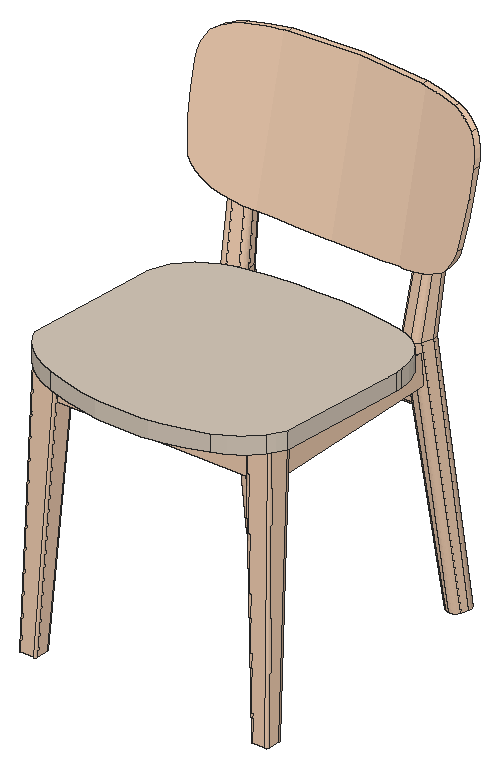
Revit family "FU_Chair_Sandler_Celina 1-11", category Furniture, Revit 2020
Family settings
  OmniClass Number = 23.40.20.00
  OmniClass Title = General Furniture and Specialties
  Work Plane-Based = No
  Always vertical = Yes
  Cut with Voids When Loaded = No
  Shared = No
  Room Calculation Point = No
Parameters (values of type "Celina 1.11")
  Width = 500 mm
  URL = "https://www.sandlerseating.com/product/celina-1-11/"
  Seat [instance] = Fabric - Manhattan - Bronx YI364
  Model = "Celina 1.11"
  Manufacturer = "Sandler"
  Height = 820 mm
  Frame [instance] = Wood - Beech - Walnut - V
  Description = "Side chair with a fully upholstered seat and wooden back which has an upholstered panel. The frame is in solid beech."
  Depth = 550 mm
  Default Elevation = 0 mm
Reference planes
  plane 1 "Center (Front/Back)": y = 0
  plane 2: z = 0
  plane 3 "Center (Left/Right)": x = 0
  plane 4 "Right": x = -250
  plane 5 "Left": x = 250
  plane 6 "Back": y = 275
  plane 7 "Front": y = -275
  plane 8 "Height": z = 820
  plane 9 "Seat height": z = 460
  plane 10 "Right Arm": x = -325
  plane 11 "Left Arm": x = 325
  plane 12 "FL C FRONT": through (206.59, -1524, 5.36) normal (-0.9994, 0, -0.0359)
  plane 13 "BL C Front": through (-178.282, -1524, 5.132) normal (-0.9999, 0, 0.0103)
  plane 14 "FL C RIGHT": through (4267.2, -211.114, 5.562) normal (0, -0.9986, 0.0521)
  plane 15: through (4267.2, 255.502, 4.2) normal (0, -0.9887, -0.1501)
  plane 16: through (4267.2, 190.415, 493.994) normal (0, -0.984, 0.1783)
Forms (mm)
  Sweep 1, solid, material "Fabric - Manhattan - Bronx YI364" <- "Seat"
    path origin (0.119, 29.292, 439.708) x (0, 0.99863, -0.052336) y (1, 0, 0)
      loop
        line (-311.844, 0) -> (171.86, 0)
    profile "Pro_celina_Seat_UPH : Pro_celina_Seat_UPH" origin (0.119, -40.604, 443.371) x (1, 0, 0) y (0, -0.052336, -0.99863)
      loop
        arc (226.228, -11.375) -> (0, 0) -> (-226.228, -11.375) r 2255.339
        line (-226.228, -11.375) -> (-226.228, -41.375)
        arc (-226.228, -41.375) -> (0, -30) -> (226.228, -41.375) r 2255.339
        line (226.228, -41.375) -> (226.228, -11.375)
  Extrusion 2, void
    sketch origin (0.119, -20.296, 502.02) x (-1, 0, 0) y (0, -1, 0)
      loop
        line (248.521, -230.925) -> (248.521, 269.075) -> (-251.479, 269.075) -> (-251.479, -230.925) -> (248.521, -230.925)
      loop
        arc (141.879, 235.713) -> (0.119, 256.987) -> (-141.64, 235.713) r 482.927
        arc (-141.64, 235.713) -> (-177.703, 219.068) -> (-208.046, 193.437) r 148.11
        arc (-208.046, 193.437) -> (-229.338, 158.084) -> (-235.769, 117.318) r 107.689
        arc (-235.769, 117.318) -> (-233.624, 13.584) -> (-224.626, -89.781) r 1568.852
        arc (-224.626, -89.781) -> (-196.277, -154.472) -> (-136.874, -192.68) r 122.229
        arc (-136.874, -192.68) -> (0.119, -211.879) -> (137.113, -192.68) r 498.358
        arc (137.113, -192.68) -> (196.516, -154.472) -> (224.865, -89.781) r 122.229
        arc (224.865, -89.781) -> (233.862, 13.584) -> (236.008, 117.318) r 1568.852
        arc (236.008, 117.318) -> (229.577, 158.084) -> (208.285, 193.437) r 107.689
        arc (208.285, 193.437) -> (177.942, 219.068) -> (141.879, 235.713) r 148.11
    from 10.492 to -76.796
  Sweep 3, solid, material "Wood - Beech - Walnut - V" <- "Frame"
    path origin (0.119, 37.154, -270.249) x (0, 1, 0) y (0, 0, 1)
      loop
        line (154.569, 770) -> (234.758, 1108.042)
    profile "Pro_celina_Back : Pro_celina_Back" origin (0.119, 231.818, 668.772) x (0, -0.972998, 0.230812) y (1, 0, 0)
      loop
        arc (50.165, -250) -> (10, 0) -> (50.165, 250) r 798.119
        line (50.165, 250) -> (40.165, 250)
        arc (40.165, 250) -> (0, 0) -> (40.165, -250) r 798.125
        line (40.165, -250) -> (50.165, -250)
  Extrusion 4, void
    sketch origin (0.119, 39.342, -270.874) x (1, 0, 0) y (0, 0, 1)
      loop
        line (119.761, 1090) -> (-121.25, 1090)
        arc (-121.25, 1090) -> (-154.552, 1088.857) -> (-187.721, 1085.67) r 541.973
        arc (-187.721, 1085.67) -> (-211.489, 1079.491) -> (-232.923, 1067.503) r 96.341
        arc (-232.923, 1067.503) -> (-245.694, 1045.257) -> (-249.494, 1019.89) r 69.271
        arc (-249.494, 1019.89) -> (-247.861, 958.646) -> (-241.122, 897.751) r 733.414
        arc (-241.122, 897.751) -> (-232.137, 873.763) -> (-214.284, 855.393) r 62.504
        arc (-214.284, 855.393) -> (-182.775, 839.296) -> (-148.432, 830.784) r 154.624
        arc (-148.432, 830.784) -> (-5.305, 821.343) -> (137.883, 829.803) r 1149.301
        arc (137.883, 829.803) -> (177.655, 837.565) -> (214.045, 855.393) r 154.624
        arc (214.045, 855.393) -> (231.898, 873.763) -> (240.883, 897.751) r 62.504
        arc (240.883, 897.751) -> (247.622, 958.646) -> (249.256, 1019.89) r 733.414
        arc (249.256, 1019.89) -> (245.455, 1045.257) -> (232.684, 1067.503) r 69.271
        arc (232.684, 1067.503) -> (211.25, 1079.491) -> (187.482, 1085.67) r 96.341
        arc (187.482, 1085.67) -> (153.689, 1088.897) -> (119.761, 1090) r 541.59
      loop
        line (-260, 1133.116) -> (-260, 753.116) -> (260, 753.116) -> (260, 1133.116) -> (-260, 1133.116)
    from -246.089 to -88.141
  SweptBlend 5, solid, material "Wood - Beech - Walnut - V" <- "Frame"
    path origin (206.516, 0, 7.419) x (0.035902, 0, -0.999355) y (0, -1, 0)
      loop
        line (15.798, 211.845) -> (-453.563, 187.36)
    profile origin (207.083, -211.845, -8.369) x (0.00187, 0.998642, -0.052062) y (-0.999355, 0, -0.035902)
      loop
        arc (-14.979, -11.006) -> (-13.796, -13.848) -> (-10.949, -15.021) r 4.023
        line (-10.949, -15.021) -> (11.028, -14.979)
        arc (11.028, -14.979) -> (13.854, -13.803) -> (15.021, -10.972) r 4
        line (15.021, -10.972) -> (14.979, 11.028)
        arc (14.979, 11.028) -> (13.803, 13.854) -> (10.972, 15.021) r 4
        line (10.972, 15.021) -> (-11.028, 14.979)
        arc (-11.028, 14.979) -> (-13.854, 13.803) -> (-15.021, 10.972) r 4
        line (-15.021, 10.972) -> (-14.979, -11.006)
    end profile origin (190.232, -187.36, 460.69) x (0.00187, 0.998642, -0.052062) y (-0.999355, 0, -0.035902)
      loop
        arc (-21.966, -18.041) -> (-20.789, -20.867) -> (-17.959, -22.034) r 4
        line (-17.959, -22.034) -> (18.041, -21.966)
        arc (18.041, -21.966) -> (20.867, -20.789) -> (22.034, -17.959) r 4
        line (22.034, -17.959) -> (21.966, 18.041)
        arc (21.966, 18.041) -> (20.789, 20.867) -> (17.959, 22.034) r 4
        line (17.959, 22.034) -> (-18.041, 21.966)
        arc (-18.041, 21.966) -> (-20.867, 20.789) -> (-22.034, 17.959) r 4
        line (-22.034, 17.959) -> (-21.966, -18.041)
  SweptBlend 6, solid, material "Wood - Beech - Walnut - V" <- "Frame"
    path origin (-178.316, 0, 1.838) x (-0.010308, 0, -0.999947) y (0, -1, 0)
      loop
        line (10.63, -257.754) -> (-463.93, -185.692)
    profile origin (-178.425, 257.754, -8.791) x (0.001548, 0.988666, 0.150121) y (-0.999947, 0, 0.010308)
      loop
        line (16.945, 1.2) -> (15.071, 7.954)
        arc (15.071, 7.954) -> (9.652, 14.89) -> (0.916, 15.962) r 11.5
        line (0.916, 15.962) -> (-12.575, 12.22)
        arc (-12.575, 12.22) -> (-19.51, 6.801) -> (-20.583, -1.935) r 11.5
        line (-20.583, -1.935) -> (-18.712, -8.681)
        arc (-18.712, -8.681) -> (-13.292, -15.616) -> (-4.556, -16.688) r 11.5
        line (-4.556, -16.688) -> (8.943, -12.944)
        arc (8.943, -12.944) -> (15.873, -7.529) -> (16.945, 1.2) r 11.49
    end profile origin (-173.534, 185.692, 465.743) x (0.001548, 0.988666, 0.150121) y (-0.999947, 0, 0.010308)
      loop
        line (5.481, 10.089) -> (-14.232, 4.749)
        arc (-14.232, 4.749) -> (-20.595, -0.161) -> (-21.622, -8.131) r 10.5
        line (-21.622, -8.131) -> (-16.447, -27.235)
        arc (-16.447, -27.235) -> (-11.538, -33.597) -> (-3.567, -34.624) r 10.5
        line (-3.567, -34.624) -> (16.146, -29.284)
        arc (16.146, -29.284) -> (22.508, -24.375) -> (23.535, -16.404) r 10.5
        line (23.535, -16.404) -> (18.361, 2.699)
        arc (18.361, 2.699) -> (13.451, 9.061) -> (5.481, 10.089) r 10.5
  SweptBlend 7, solid, material "Wood - Beech - Walnut - V" <- "Frame"
    path origin (-178.316, 0, 1.838) x (-0.010308, 0, -0.999947) y (0, -1, 0)
      loop
        line (-447.138, -184.221) -> (-698.053, -229.684)
    profile origin (-173.707, 184.221, 448.952) x (-0.001838, 0.983979, -0.178274) y (-0.999947, 0, 0.010308)
      loop
        line (6.359, 10.097) -> (-14.247, 4.59)
        arc (-14.247, 4.59) -> (-20.626, -0.298) -> (-21.68, -8.265) r 10.5
        line (-21.68, -8.265) -> (-16.57, -27.386)
        arc (-16.57, -27.386) -> (-11.682, -33.765) -> (-3.715, -34.819) r 10.5
        line (-3.715, -34.819) -> (16.891, -29.312)
        arc (16.891, -29.312) -> (23.269, -24.424) -> (24.324, -16.457) r 10.5
        line (24.324, -16.457) -> (19.214, 2.664)
        arc (19.214, 2.664) -> (14.326, 9.042) -> (6.359, 10.097) r 10.5
    end profile origin (-171.12, 229.684, 699.854) x (-0.001838, 0.983979, -0.178274) y (-0.999947, 0, 0.010308)
      loop
        arc (10.888, 12.173) -> (6.714, 17.652) -> (-0.112, 18.575) r 9
        line (-0.112, 18.575) -> (-10.954, 15.71)
        arc (-10.954, 15.71) -> (-16.436, 11.534) -> (-17.36, 4.704) r 9.005
        line (-17.36, 4.704) -> (-12.919, -12.102)
        arc (-12.919, -12.102) -> (-8.745, -17.581) -> (-1.919, -18.504) r 9
        line (-1.919, -18.504) -> (8.928, -15.638)
        arc (8.928, -15.638) -> (14.407, -11.464) -> (15.33, -4.638) r 9
        line (15.33, -4.638) -> (10.888, 12.173)
  Extrusion 8, void
    sketch origin (-178.316, 0, 1.838) x (-0.010308, 0, -0.999947) y (0, -1, 0)
      loop
        line (-458.111, -152.645) -> (-458.111, -224.882) -> (-439.168, -224.882) -> (-439.168, -152.645) -> (-458.111, -152.645)
    from -48.983 to 26.092
  Extrusion 9, void
    sketch origin (-178.316, 0, 1.838) x (-0.010308, 0, -0.999947) y (0, -1, 0)
      loop
        line (-458.228, -152.645) -> (-470.347, -152.645) -> (-470.347, -224.294) -> (-458.228, -224.294) -> (-458.228, -152.645)
    from -48.983 to 26.092
  SweptBlend 10, solid, material "Wood - Beech - Walnut - V" <- "Frame"
    path origin (178.316, 0, 1.838) x (0.010308, 0, -0.999947) y (0, 1, 0)
      loop
        line (10.63, 257.754) -> (-463.93, 185.692)
    profile origin (178.425, 257.754, -8.791) x (0.001548, -0.988666, -0.150121) y (0.999947, 0, 0.010308)
      loop
        arc (-16.945, 1.2) -> (-15.873, -7.529) -> (-8.943, -12.944) r 11.49
        line (-8.943, -12.944) -> (4.556, -16.688)
        arc (4.556, -16.688) -> (13.292, -15.616) -> (18.712, -8.681) r 11.5
        line (18.712, -8.681) -> (20.583, -1.935)
        arc (20.583, -1.935) -> (19.51, 6.801) -> (12.575, 12.22) r 11.5
        line (12.575, 12.22) -> (-0.916, 15.962)
        arc (-0.916, 15.962) -> (-9.652, 14.89) -> (-15.071, 7.954) r 11.5
        line (-15.071, 7.954) -> (-16.945, 1.2)
    end profile origin (173.534, 185.692, 465.743) x (0.001548, -0.988666, -0.150121) y (0.999947, 0, 0.010308)
      loop
        arc (-5.481, 10.089) -> (-13.451, 9.061) -> (-18.361, 2.699) r 10.5
        line (-18.361, 2.699) -> (-23.535, -16.404)
        arc (-23.535, -16.404) -> (-22.508, -24.375) -> (-16.146, -29.284) r 10.5
        line (-16.146, -29.284) -> (3.567, -34.624)
        arc (3.567, -34.624) -> (11.538, -33.597) -> (16.447, -27.235) r 10.5
        line (16.447, -27.235) -> (21.622, -8.131)
        arc (21.622, -8.131) -> (20.595, -0.161) -> (14.232, 4.749) r 10.5
        line (14.232, 4.749) -> (-5.481, 10.089)
  SweptBlend 11, solid, material "Wood - Beech - Walnut - V" <- "Frame"
    path origin (178.316, 0, 1.838) x (0.010308, 0, -0.999947) y (0, 1, 0)
      loop
        line (-447.138, 184.221) -> (-698.053, 229.684)
    profile origin (173.707, 184.221, 448.952) x (-0.001838, -0.983979, 0.178274) y (0.999947, 0, 0.010308)
      loop
        arc (-6.359, 10.097) -> (-14.326, 9.042) -> (-19.214, 2.664) r 10.5
        line (-19.214, 2.664) -> (-24.324, -16.457)
        arc (-24.324, -16.457) -> (-23.269, -24.424) -> (-16.891, -29.312) r 10.5
        line (-16.891, -29.312) -> (3.715, -34.819)
        arc (3.715, -34.819) -> (11.682, -33.765) -> (16.57, -27.386) r 10.5
        line (16.57, -27.386) -> (21.68, -8.265)
        arc (21.68, -8.265) -> (20.626, -0.298) -> (14.247, 4.59) r 10.5
        line (14.247, 4.59) -> (-6.359, 10.097)
    end profile origin (171.12, 229.684, 699.854) x (-0.001838, -0.983979, 0.178274) y (0.999947, 0, 0.010308)
      loop
        line (-10.888, 12.173) -> (-15.33, -4.638)
        arc (-15.33, -4.638) -> (-14.407, -11.464) -> (-8.928, -15.638) r 9
        line (-8.928, -15.638) -> (1.919, -18.504)
        arc (1.919, -18.504) -> (8.745, -17.581) -> (12.919, -12.102) r 9
        line (12.919, -12.102) -> (17.36, 4.704)
        arc (17.36, 4.704) -> (16.436, 11.534) -> (10.954, 15.71) r 9.005
        line (10.954, 15.71) -> (0.112, 18.575)
        arc (0.112, 18.575) -> (-6.714, 17.652) -> (-10.888, 12.173) r 9
  Extrusion 12, void
    sketch origin (178.316, 0, 1.838) x (0.010308, 0, -0.999947) y (0, 1, 0)
      loop
        line (-458.111, 152.645) -> (-439.168, 152.645) -> (-439.168, 224.882) -> (-458.111, 224.882) -> (-458.111, 152.645)
    from -48.983 to 26.092
  Extrusion 13, void
    sketch origin (178.316, 0, 1.838) x (0.010308, 0, -0.999947) y (0, 1, 0)
      loop
        line (-458.228, 152.645) -> (-458.228, 224.294) -> (-470.347, 224.294) -> (-470.347, 152.645) -> (-458.228, 152.645)
    from -48.983 to 26.092
  SweptBlend 14, solid, material "Wood - Beech - Walnut - V" <- "Frame"
    path origin (-206.516, 0, 7.419) x (-0.035902, 0, -0.999355) y (0, 1, 0)
      loop
        line (15.798, -211.845) -> (-453.563, -187.36)
    profile origin (-207.083, -211.845, -8.369) x (0.00187, -0.998642, 0.052062) y (0.999355, 0, -0.035902)
      loop
        line (14.979, -11.006) -> (15.021, 10.972)
        arc (15.021, 10.972) -> (13.854, 13.803) -> (11.028, 14.979) r 4
        line (11.028, 14.979) -> (-10.972, 15.021)
        arc (-10.972, 15.021) -> (-13.803, 13.854) -> (-14.979, 11.028) r 4
        line (-14.979, 11.028) -> (-15.021, -10.972)
        arc (-15.021, -10.972) -> (-13.854, -13.803) -> (-11.028, -14.979) r 4
        line (-11.028, -14.979) -> (10.949, -15.021)
        arc (10.949, -15.021) -> (13.796, -13.848) -> (14.979, -11.006) r 4.023
    end profile origin (-190.232, -187.36, 460.69) x (0.00187, -0.998642, 0.052062) y (0.999355, 0, -0.035902)
      loop
        line (21.966, -18.041) -> (22.034, 17.959)
        arc (22.034, 17.959) -> (20.867, 20.789) -> (18.041, 21.966) r 4
        line (18.041, 21.966) -> (-17.959, 22.034)
        arc (-17.959, 22.034) -> (-20.789, 20.867) -> (-21.966, 18.041) r 4
        line (-21.966, 18.041) -> (-22.034, -17.959)
        arc (-22.034, -17.959) -> (-20.867, -20.789) -> (-18.041, -21.966) r 4
        line (-18.041, -21.966) -> (17.959, -22.034)
        arc (17.959, -22.034) -> (20.789, -20.867) -> (21.966, -18.041) r 4
  Extrusion 15, solid, material "Wood - Beech - Walnut - V" <- "Frame"
    sketch origin (0, 0, 460) x (-1, 0, 0) y (0, -1, 0)
      loop
        line (175.074, 174.445) -> (175.074, 205.637) -> (-174.926, 205.637) -> (-174.926, 174.445) -> (175.074, 174.445)
      loop
        line (207.36, 174.272) -> (178.067, 176.828) -> (146.379, -186.366) -> (176.28, -181.947) -> (207.36, 174.272)
      loop
        line (-207.36, 174.272) -> (-176.28, -181.947) -> (-146.379, -186.366) -> (-178.067, 176.828) -> (-207.36, 174.272)
    from 0 to -78.018
  Sweep 16, void
    path origin (0.119, 30.664, 441.798) x (0, 0.99863, -0.052336) y (1, 0, 0)
      loop
        line (-311.844, 0) -> (193.156, 0)
    profile "Pro_celina_Seat-cut : Pro_celina_Seat-cut" origin (0.119, -28.599, 444.904) x (1, 0, 0) y (0, -0.052336, -0.99863)
      loop
        arc (237.5, -12.54) -> (0, 0) -> (-237.5, -12.54) r 2255.339
        line (-237.5, -12.54) -> (-237.5, -65.04)
        arc (-237.5, -65.04) -> (0, -52.5) -> (237.5, -65.04) r 2255.339
        line (237.5, -65.04) -> (237.5, -12.54)
  Extrusion 17, void
    sketch origin (0, 0, 0) x (0, 1, 0) y (0, 0, 1)
      loop
        line (-229.224, 409.273) -> (-229.224, 334.273) -> (230.12, 334.273) -> (230.12, 384.715) -> (-229.224, 409.273)
    from -250 to 250
  Extrusion 18, solid, material "Wood - Beech - Walnut - V" <- "Frame"
    sketch origin (0, 0, 0) x (0, 1, 0) y (0, 0, 1)
      loop
        arc (213.056, 367.317) -> (210.682, 371.248) -> (206.223, 372.348) r 6
        line (206.223, 372.348) -> (198.535, 371.181)
        arc (198.535, 371.181) -> (194.604, 368.806) -> (193.503, 364.348) r 6
        line (193.503, 364.348) -> (197.257, 339.631)
        arc (197.257, 339.631) -> (199.631, 335.701) -> (204.09, 334.6) r 6
        line (204.09, 334.6) -> (211.778, 335.768)
        arc (211.778, 335.768) -> (215.709, 338.142) -> (216.81, 342.601) r 6
        line (216.81, 342.601) -> (213.056, 367.317)
    from -168 to 168
  Extrusion 19, void
    sketch origin (0, 0, 0) x (0, 1, 0) y (0, 0, 1)
      loop
        line (-275, 0) -> (-275, -32.791) -> (280, -32.791) -> (280, 0) -> (-275, 0)
    from -250 to 250
Cuts and joins
  Extrusion 2 cuts Sweep 1
  Extrusion 4 cuts Sweep 3
  Extrusion 8 cuts SweptBlend 7
  Extrusion 9, Extrusion 19 cuts SweptBlend 6
  Extrusion 12 cuts SweptBlend 11
  Extrusion 13, Extrusion 19 cuts SweptBlend 10
  Sweep 16, Extrusion 17 cuts Extrusion 15
  Extrusion 19 cuts SweptBlend 14
  Extrusion 19 cuts SweptBlend 5
Dimensions and locks
  equal spacing: plane 4 "Right", plane 3 "Center (Left/Right)", plane 5 "Left"
  "Width": plane 4 "Right" to plane 5 "Left"
  equal spacing: plane 6 "Back", plane 1 "Center (Front/Back)", plane 7 "Front"
  "Depth": plane 6 "Back" to plane 7 "Front"
  "Height": plane 8 "Height" to level
  plane 9 "Seat height" to level = 460 mm
  equal spacing: plane 10 "Right Arm", plane 3 "Center (Left/Right)", plane 11 "Left Arm"
  plane 10 "Right Arm" to plane 11 "Left Arm" = 650 mm
  aligned and locked: level to plane 2
Automatic sketch dimensions
  plane 3 "Center (Left/Right)" to Sweep 1 sketch curve = 0.119 mm
  Sweep 1 sketch curve to Sweep 1 sketch curve = 483.704 mm
  Extrusion 2 sketch curve to plane 3 "Center (Left/Right)" = 0 mm  (x2)
  plane 3 "Center (Left/Right)" to Extrusion 2 sketch curve = 98.283 mm
  Extrusion 2 sketch curve to plane 1 "Center (Front/Back)" = 54.865 mm  (x2)
  plane 3 "Center (Left/Right)" to Extrusion 2 sketch curve = 103.394 mm
  Extrusion 2 sketch curve to Extrusion 2 sketch curve = 29.988 mm  (x2)
  Extrusion 2 sketch curve to plane 5 "Left" = 1.598 mm
  plane 1 "Center (Front/Back)" to Extrusion 2 sketch curve = 118.175 mm  (x2)
  Extrusion 2 sketch curve to plane 11 "Left Arm" = 1007.843 mm
  Extrusion 2 sketch curve to plane 3 "Center (Left/Right)" = 98.283 mm
  Extrusion 2 sketch curve to plane 3 "Center (Left/Right)" = 103.394 mm
  Extrusion 2 sketch curve to plane 4 "Right" = 1.598 mm
  plane 10 "Right Arm" to Extrusion 2 sketch curve = 1007.843 mm
  Extrusion 2 sketch curve to plane 6 "Back" = 69.356 mm
  Extrusion 2 sketch curve to plane 6 "Back" = 64.371 mm
  plane 1 "Center (Front/Back)" to Extrusion 2 sketch curve = 114.424 mm  (x2)
  Extrusion 2 sketch curve to Extrusion 2 sketch curve = 27.102 mm  (x2)
  Extrusion 2 sketch curve to plane 7 "Front" = 14.371 mm
  Extrusion 2 sketch curve to plane 7 "Front" = 31.774 mm
  Extrusion 2 sketch curve to plane 6 "Back" = 102.616 mm
  Extrusion 2 sketch curve to Extrusion 2 sketch curve = 0 mm  (x8)
  plane 7 "Front" to Extrusion 2 sketch curve = 18.991 mm
  plane 9 "Seat height" to Sweep 3 sketch curve = 39.751 mm
  Sweep 3 sketch curve to plane 6 "Back" = 83.277 mm
  Sweep 3 sketch curve to plane 6 "Back" = 3.087 mm
  plane 8 "Height" to Sweep 3 sketch curve = 17.793 mm
  plane 10 "Right Arm" to Extrusion 4 sketch curve = 158.955 mm
  plane 4 "Right" to Extrusion 4 sketch curve = 9.881 mm
  Extrusion 4 sketch curve to plane 4 "Right" = 69.848 mm
  Extrusion 4 sketch curve to plane 4 "Right" = 70.781 mm
  Extrusion 4 sketch curve to Extrusion 4 sketch curve = 4.71 mm  (x2)
  Extrusion 4 sketch curve to Extrusion 4 sketch curve = 46.915 mm  (x2)
  Extrusion 4 sketch curve to plane 8 "Height" = 0.874 mm
  Extrusion 4 sketch curve to Extrusion 4 sketch curve = 59.022 mm
  Extrusion 4 sketch curve to plane 3 "Center (Left/Right)" = 119.201 mm
  Extrusion 4 sketch curve to plane 3 "Center (Left/Right)" = 1.25 mm
  plane 3 "Center (Left/Right)" to Extrusion 4 sketch curve = 119.25 mm
  plane 3 "Center (Left/Right)" to Extrusion 4 sketch curve = 119.881 mm
  Extrusion 4 sketch curve to Extrusion 4 sketch curve = 8.647 mm
  plane 5 "Left" to Extrusion 4 sketch curve = 70.781 mm
  Extrusion 4 sketch curve to plane 5 "Left" = 10.119 mm
  Extrusion 4 sketch curve to plane 8 "Height" = 82.07 mm  (x2)
  Extrusion 4 sketch curve to plane 11 "Left Arm" = 158.955 mm
  Extrusion 4 sketch curve to plane 8 "Height" = 100.775 mm  (x2)
  Extrusion 4 sketch curve to Extrusion 4 sketch curve = 5.963 mm  (x2)
  Extrusion 4 sketch curve to Extrusion 4 sketch curve = 82.884 mm  (x2)
  plane 9 "Seat height" to Extrusion 4 sketch curve = 22.242 mm
  Extrusion 4 sketch curve to plane 9 "Seat height" = 182.463 mm
  Extrusion 4 sketch curve to plane 9 "Seat height" = 182.844 mm
  Extrusion 4 sketch curve to Extrusion 4 sketch curve = 32.388 mm  (x2)
  plane 8 "Height" to Extrusion 4 sketch curve = 42.242 mm
  Extrusion 4 sketch curve to Extrusion 4 sketch curve = 837.521 mm
  Extrusion 4 sketch curve to plane 4 "Right" = 0.625 mm
  Extrusion 4 sketch curve to plane 4 "Right" = 8.998 mm
  Extrusion 4 sketch curve to Extrusion 4 sketch curve = 0 mm  (x4)
  Extrusion 4 sketch curve to plane 4 "Right" = 17.196 mm
  Extrusion 4 sketch curve to plane 4 "Right" = 35.836 mm
  Extrusion 4 sketch curve to Extrusion 4 sketch curve = 41.216 mm
  plane 5 "Left" to Extrusion 4 sketch curve = 35.836 mm
  plane 5 "Left" to Extrusion 4 sketch curve = 17.196 mm
  plane 7 "Front" to SweptBlend 5 sketch curve = 87.64 mm
  plane 7 "Front" to SweptBlend 5 sketch curve = 63.155 mm
  SweptBlend 5 sketch curve to SweptBlend 5 sketch curve = 469.362 mm
  profile plane to SweptBlend 5 sketch curve = 15.021 mm
  profile plane to SweptBlend 5 sketch curve = 14.979 mm
  SweptBlend 5 sketch curve to SweptBlend 5 sketch curve = 3.993 mm  (x3)
  SweptBlend 5 sketch curve to SweptBlend 5 sketch curve = 4 mm  (x9)
  SweptBlend 5 sketch curve to SweptBlend 5 sketch curve = 4.023 mm
  SweptBlend 5 sketch curve to SweptBlend 5 sketch curve = 0.008 mm
  SweptBlend 5 sketch curve to profile plane = 10.972 mm
  SweptBlend 5 sketch curve to SweptBlend 5 sketch curve = 0.007 mm  (x9)
  SweptBlend 5 sketch curve to profile plane = 11.021 mm
  SweptBlend 5 sketch curve to plane 12 "FL C FRONT" = 15.021 mm
  SweptBlend 5 sketch curve to plane 12 "FL C FRONT" = 14.979 mm
  SweptBlend 5 sketch curve to SweptBlend 5 sketch curve = 4.015 mm
  plane 12 "FL C FRONT" to SweptBlend 5 sketch curve = 10.972 mm
  plane 12 "FL C FRONT" to SweptBlend 5 sketch curve = 11.021 mm
  profile plane to SweptBlend 5 sketch curve = 22.034 mm
  profile plane to SweptBlend 5 sketch curve = 21.966 mm
  SweptBlend 5 sketch curve to profile plane = 17.959 mm
  SweptBlend 5 sketch curve to profile plane = 18.034 mm
  SweptBlend 5 sketch curve to plane 12 "FL C FRONT" = 22.034 mm
  SweptBlend 5 sketch curve to plane 12 "FL C FRONT" = 21.966 mm
  plane 12 "FL C FRONT" to SweptBlend 5 sketch curve = 17.959 mm
  plane 12 "FL C FRONT" to SweptBlend 5 sketch curve = 18.034 mm
  SweptBlend 6 sketch curve to plane 6 "Back" = 89.308 mm
  SweptBlend 6 sketch curve to plane 6 "Back" = 17.246 mm
  SweptBlend 6 sketch curve to SweptBlend 6 sketch curve = 474.56 mm
  SweptBlend 6 sketch curve to plane 13 "BL C Front" = 1.935 mm
  profile plane to SweptBlend 6 sketch curve = 20.583 mm
  SweptBlend 6 sketch curve to plane 13 "BL C Front" = 8.681 mm
  SweptBlend 6 sketch curve to SweptBlend 6 sketch curve = 1.871 mm  (x2)
  profile plane to SweptBlend 6 sketch curve = 12.575 mm
  plane 13 "BL C Front" to SweptBlend 6 sketch curve = 1.138 mm
  profile plane to SweptBlend 6 sketch curve = 9.501 mm
  profile plane to SweptBlend 6 sketch curve = 4.556 mm
  SweptBlend 6 sketch curve to profile plane = 0.916 mm
  SweptBlend 6 sketch curve to profile plane = 3.99 mm
  SweptBlend 6 sketch curve to plane 13 "BL C Front" = 1.872 mm
  SweptBlend 6 sketch curve to profile plane = 5.872 mm
  SweptBlend 6 sketch curve to profile plane = 8.943 mm
  plane 13 "BL C Front" to SweptBlend 6 sketch curve = 7.954 mm
  SweptBlend 6 sketch curve to SweptBlend 6 sketch curve = 11.082 mm
  plane 13 "BL C Front" to SweptBlend 6 sketch curve = 1.2 mm
  SweptBlend 6 sketch curve to SweptBlend 6 sketch curve = 1.874 mm
  SweptBlend 6 sketch curve to SweptBlend 6 sketch curve = 3.745 mm
  plane 13 "BL C Front" to SweptBlend 6 sketch curve = 4.88 mm
  SweptBlend 6 sketch curve to plane 13 "BL C Front" = 8.131 mm
  profile plane to SweptBlend 6 sketch curve = 21.622 mm
  profile plane to SweptBlend 6 sketch curve = 16.447 mm
  plane 13 "BL C Front" to SweptBlend 6 sketch curve = 4.749 mm
  profile plane to SweptBlend 6 sketch curve = 14.232 mm
  SweptBlend 6 sketch curve to plane 13 "BL C Front" = 5.386 mm
  profile plane to SweptBlend 6 sketch curve = 6.313 mm
  profile plane to SweptBlend 6 sketch curve = 3.567 mm
  SweptBlend 6 sketch curve to profile plane = 5.481 mm
  SweptBlend 6 sketch curve to plane 13 "BL C Front" = 0.046 mm
  SweptBlend 6 sketch curve to profile plane = 8.226 mm
  SweptBlend 6 sketch curve to profile plane = 13.4 mm
  SweptBlend 6 sketch curve to SweptBlend 6 sketch curve = 2.745 mm  (x3)
  plane 13 "BL C Front" to SweptBlend 6 sketch curve = 2.699 mm
  SweptBlend 6 sketch curve to SweptBlend 6 sketch curve = 10.135 mm  (x2)
  SweptBlend 6 sketch curve to plane 13 "BL C Front" = 16.404 mm
  SweptBlend 6 sketch curve to SweptBlend 6 sketch curve = 19.103 mm
  SweptBlend 7 sketch curve to plane 6 "Back" = 45.316 mm
  SweptBlend 7 sketch curve to plane 6 "Back" = 90.779 mm
  SweptBlend 7 sketch curve to SweptBlend 7 sketch curve = 250.915 mm
  plane 13 "BL C Front" to SweptBlend 7 sketch curve = 4.704 mm
  profile plane to SweptBlend 7 sketch curve = 17.36 mm
  profile plane to SweptBlend 7 sketch curve = 12.919 mm
  profile plane to SweptBlend 7 sketch curve = 10.954 mm
  profile plane to SweptBlend 7 sketch curve = 8.654 mm
  profile plane to SweptBlend 7 sketch curve = 4.218 mm
  profile plane to SweptBlend 7 sketch curve = 1.919 mm
  profile plane to SweptBlend 7 sketch curve = 0.112 mm
  SweptBlend 7 sketch curve to profile plane = 2.187 mm
  SweptBlend 7 sketch curve to profile plane = 6.628 mm
  SweptBlend 7 sketch curve to profile plane = 8.928 mm
  SweptBlend 7 sketch curve to SweptBlend 7 sketch curve = 8.701 mm  (x2)
  SweptBlend 7 sketch curve to plane 13 "BL C Front" = 4.638 mm
  SweptBlend 7 sketch curve to plane 13 "BL C Front" = 6.937 mm
  SweptBlend 7 sketch curve to plane 13 "BL C Front" = 9.803 mm
  SweptBlend 7 sketch curve to SweptBlend 7 sketch curve = 2.299 mm  (x2)
  plane 13 "BL C Front" to SweptBlend 7 sketch curve = 7.004 mm
  plane 13 "BL C Front" to SweptBlend 7 sketch curve = 9.873 mm
  SweptBlend 7 sketch curve to plane 13 "BL C Front" = 8.265 mm
  profile plane to SweptBlend 7 sketch curve = 21.68 mm
  profile plane to SweptBlend 7 sketch curve = 16.57 mm
  plane 13 "BL C Front" to SweptBlend 7 sketch curve = 4.59 mm
  profile plane to SweptBlend 7 sketch curve = 14.247 mm
  SweptBlend 7 sketch curve to plane 13 "BL C Front" = 5.554 mm
  profile plane to SweptBlend 7 sketch curve = 6.426 mm
  profile plane to SweptBlend 7 sketch curve = 3.715 mm
  SweptBlend 7 sketch curve to profile plane = 6.359 mm
  SweptBlend 7 sketch curve to plane 13 "BL C Front" = 0.047 mm
  SweptBlend 7 sketch curve to profile plane = 9.07 mm
  SweptBlend 7 sketch curve to profile plane = 14.18 mm
  SweptBlend 7 sketch curve to SweptBlend 7 sketch curve = 2.711 mm  (x3)
  plane 13 "BL C Front" to SweptBlend 7 sketch curve = 2.664 mm
  SweptBlend 7 sketch curve to SweptBlend 7 sketch curve = 10.144 mm  (x2)
  SweptBlend 7 sketch curve to plane 13 "BL C Front" = 16.457 mm
  SweptBlend 7 sketch curve to SweptBlend 7 sketch curve = 19.121 mm
  Extrusion 8 sketch curve to plane 6 "Back" = 50.118 mm
  Extrusion 8 sketch curve to Extrusion 8 sketch curve = 18.943 mm
  Extrusion 8 sketch curve to Extrusion 8 sketch curve = 72.237 mm
  Extrusion 9 sketch curve to plane 6 "Back" = 122.355 mm
  Extrusion 9 sketch curve to Extrusion 9 sketch curve = 12.119 mm
  Extrusion 9 sketch curve to plane 6 "Back" = 50.706 mm
  SweptBlend 10 sketch curve to plane 6 "Back" = 89.308 mm
  SweptBlend 10 sketch curve to plane 6 "Back" = 17.246 mm
  SweptBlend 10 sketch curve to SweptBlend 10 sketch curve = 474.56 mm
  profile plane to SweptBlend 10 sketch curve = 1.2 mm
  profile plane to SweptBlend 10 sketch curve = 16.945 mm
  SweptBlend 10 sketch curve to SweptBlend 10 sketch curve = 1.874 mm
  profile plane to SweptBlend 10 sketch curve = 8.943 mm
  SweptBlend 10 sketch curve to profile plane = 1.872 mm
  profile plane to SweptBlend 10 sketch curve = 5.872 mm
  profile plane to SweptBlend 10 sketch curve = 3.99 mm
  profile plane to SweptBlend 10 sketch curve = 0.916 mm
  SweptBlend 10 sketch curve to profile plane = 4.556 mm
  SweptBlend 10 sketch curve to profile plane = 7.63 mm
  profile plane to SweptBlend 10 sketch curve = 1.138 mm
  SweptBlend 10 sketch curve to SweptBlend 10 sketch curve = 1.871 mm  (x2)
  SweptBlend 10 sketch curve to SweptBlend 10 sketch curve = 3.074 mm
  SweptBlend 10 sketch curve to profile plane = 8.681 mm
  SweptBlend 10 sketch curve to SweptBlend 10 sketch curve = 11.082 mm
  SweptBlend 10 sketch curve to profile plane = 1.935 mm
  SweptBlend 10 sketch curve to SweptBlend 10 sketch curve = 3.745 mm
  profile plane to SweptBlend 10 sketch curve = 4.88 mm
  SweptBlend 10 sketch curve to SweptBlend 10 sketch curve = 6.754 mm
  profile plane to SweptBlend 10 sketch curve = 23.535 mm
  profile plane to SweptBlend 10 sketch curve = 2.699 mm
  profile plane to SweptBlend 10 sketch curve = 18.361 mm
  SweptBlend 10 sketch curve to SweptBlend 10 sketch curve = 7.389 mm
  SweptBlend 10 sketch curve to SweptBlend 10 sketch curve = 10.135 mm  (x2)
  SweptBlend 10 sketch curve to profile plane = 0.046 mm
  profile plane to SweptBlend 10 sketch curve = 8.226 mm
  profile plane to SweptBlend 10 sketch curve = 5.481 mm
  SweptBlend 10 sketch curve to profile plane = 3.567 mm
  SweptBlend 10 sketch curve to profile plane = 6.313 mm
  SweptBlend 10 sketch curve to profile plane = 5.386 mm
  SweptBlend 10 sketch curve to profile plane = 11.487 mm
  profile plane to SweptBlend 10 sketch curve = 4.749 mm
  SweptBlend 10 sketch curve to SweptBlend 10 sketch curve = 2.745 mm  (x3)
  SweptBlend 10 sketch curve to profile plane = 8.131 mm
  SweptBlend 10 sketch curve to profile plane = 16.404 mm
  SweptBlend 10 sketch curve to SweptBlend 10 sketch curve = 19.103 mm
  SweptBlend 11 sketch curve to plane 6 "Back" = 45.316 mm
  SweptBlend 11 sketch curve to plane 6 "Back" = 90.779 mm
  SweptBlend 11 sketch curve to SweptBlend 11 sketch curve = 250.915 mm
  SweptBlend 11 sketch curve to profile plane = 4.638 mm
  profile plane to SweptBlend 11 sketch curve = 15.33 mm
  profile plane to SweptBlend 11 sketch curve = 10.888 mm
  profile plane to SweptBlend 11 sketch curve = 8.928 mm
  profile plane to SweptBlend 11 sketch curve = 6.628 mm
  profile plane to SweptBlend 11 sketch curve = 2.187 mm
  SweptBlend 11 sketch curve to profile plane = 0.112 mm
  SweptBlend 11 sketch curve to profile plane = 1.919 mm
  SweptBlend 11 sketch curve to profile plane = 4.218 mm
  SweptBlend 11 sketch curve to profile plane = 8.654 mm
  SweptBlend 11 sketch curve to SweptBlend 11 sketch curve = 2.3 mm
  SweptBlend 11 sketch curve to SweptBlend 11 sketch curve = 8.701 mm
  profile plane to SweptBlend 11 sketch curve = 4.704 mm
  SweptBlend 11 sketch curve to SweptBlend 11 sketch curve = 8.706 mm
  SweptBlend 11 sketch curve to profile plane = 6.937 mm
  SweptBlend 11 sketch curve to profile plane = 9.803 mm
  SweptBlend 11 sketch curve to SweptBlend 11 sketch curve = 2.299 mm  (x2)
  profile plane to SweptBlend 11 sketch curve = 7.004 mm
  profile plane to SweptBlend 11 sketch curve = 9.873 mm
  profile plane to SweptBlend 11 sketch curve = 24.324 mm
  profile plane to SweptBlend 11 sketch curve = 2.664 mm
  profile plane to SweptBlend 11 sketch curve = 19.214 mm
  SweptBlend 11 sketch curve to SweptBlend 11 sketch curve = 7.433 mm
  SweptBlend 11 sketch curve to SweptBlend 11 sketch curve = 10.144 mm  (x2)
  SweptBlend 11 sketch curve to profile plane = 0.047 mm
  profile plane to SweptBlend 11 sketch curve = 9.07 mm
  profile plane to SweptBlend 11 sketch curve = 6.359 mm
  SweptBlend 11 sketch curve to profile plane = 3.715 mm
  SweptBlend 11 sketch curve to profile plane = 6.426 mm
  SweptBlend 11 sketch curve to profile plane = 5.554 mm
  SweptBlend 11 sketch curve to profile plane = 11.536 mm
  profile plane to SweptBlend 11 sketch curve = 4.59 mm
  SweptBlend 11 sketch curve to SweptBlend 11 sketch curve = 2.711 mm  (x3)
  SweptBlend 11 sketch curve to profile plane = 8.265 mm
  SweptBlend 11 sketch curve to profile plane = 16.457 mm
  SweptBlend 11 sketch curve to SweptBlend 11 sketch curve = 19.121 mm
  Extrusion 12 sketch curve to plane 6 "Back" = 50.118 mm
  Extrusion 12 sketch curve to Extrusion 12 sketch curve = 18.943 mm
  Extrusion 12 sketch curve to Extrusion 12 sketch curve = 72.237 mm
  Extrusion 13 sketch curve to plane 6 "Back" = 122.355 mm
  Extrusion 13 sketch curve to Extrusion 13 sketch curve = 12.119 mm
  Extrusion 13 sketch curve to plane 6 "Back" = 50.706 mm
  plane 7 "Front" to SweptBlend 14 sketch curve = 87.64 mm
  plane 7 "Front" to SweptBlend 14 sketch curve = 63.155 mm
  SweptBlend 14 sketch curve to SweptBlend 14 sketch curve = 469.362 mm
  profile plane to SweptBlend 14 sketch curve = 15.021 mm
  profile plane to SweptBlend 14 sketch curve = 14.979 mm
  SweptBlend 14 sketch curve to SweptBlend 14 sketch curve = 3.993 mm  (x3)
  SweptBlend 14 sketch curve to SweptBlend 14 sketch curve = 4 mm  (x9)
  SweptBlend 14 sketch curve to SweptBlend 14 sketch curve = 0.007 mm  (x9)
  SweptBlend 14 sketch curve to profile plane = 10.949 mm
  SweptBlend 14 sketch curve to SweptBlend 14 sketch curve = 0.008 mm
  SweptBlend 14 sketch curve to profile plane = 11.021 mm
  SweptBlend 14 sketch curve to SweptBlend 14 sketch curve = 4.023 mm
  SweptBlend 14 sketch curve to profile plane = 15.021 mm
  SweptBlend 14 sketch curve to profile plane = 14.979 mm
  SweptBlend 14 sketch curve to SweptBlend 14 sketch curve = 4.015 mm
  profile plane to SweptBlend 14 sketch curve = 10.972 mm
  profile plane to SweptBlend 14 sketch curve = 11.021 mm
  profile plane to SweptBlend 14 sketch curve = 22.034 mm
  profile plane to SweptBlend 14 sketch curve = 21.966 mm
  SweptBlend 14 sketch curve to profile plane = 17.959 mm
  SweptBlend 14 sketch curve to profile plane = 18.034 mm
  SweptBlend 14 sketch curve to profile plane = 22.034 mm
  SweptBlend 14 sketch curve to profile plane = 21.966 mm
  profile plane to SweptBlend 14 sketch curve = 17.959 mm
  profile plane to SweptBlend 14 sketch curve = 18.034 mm
  plane 5 "Left" to Extrusion 15 sketch curve = 42.64 mm
  Extrusion 15 sketch curve to Extrusion 15 sketch curve = 29.293 mm  (x2)
  plane 5 "Left" to Extrusion 15 sketch curve = 73.72 mm
  Extrusion 15 sketch curve to Extrusion 15 sketch curve = 3.142 mm
  Extrusion 15 sketch curve to plane 6 "Back" = 88.634 mm  (x2)
  Extrusion 15 sketch curve to Extrusion 15 sketch curve = 29.901 mm  (x2)
  Extrusion 15 sketch curve to plane 4 "Right" = 103.621 mm
  Extrusion 15 sketch curve to plane 4 "Right" = 74.926 mm
  Extrusion 15 sketch curve to Extrusion 15 sketch curve = 2.993 mm
  Extrusion 15 sketch curve to Extrusion 15 sketch curve = 4.419 mm  (x2)
  Extrusion 15 sketch curve to Extrusion 15 sketch curve = 2.383 mm
  Extrusion 15 sketch curve to Extrusion 15 sketch curve = 28.809 mm
  plane 3 "Center (Left/Right)" to Sweep 16 sketch curve = 0.119 mm
  Sweep 16 sketch curve to Sweep 16 sketch curve = 505 mm
  plane 7 "Front" to Extrusion 17 sketch curve = 45.776 mm
  Extrusion 17 sketch curve to plane 6 "Back" = 44.88 mm
  Extrusion 17 sketch curve to plane 9 "Seat height" = 125.727 mm
  Extrusion 17 sketch curve to Extrusion 17 sketch curve = 50.442 mm
  Extrusion 17 sketch curve to plane 9 "Seat height" = 50.727 mm
  Extrusion 18 sketch curve to plane 6 "Back" = 81.497 mm
  Extrusion 18 sketch curve to Extrusion 18 sketch curve = 3.753 mm
  Extrusion 18 sketch curve to Extrusion 18 sketch curve = 5.031 mm  (x2)
  Extrusion 18 sketch curve to Extrusion 18 sketch curve = 5.932 mm  (x5)
  Extrusion 18 sketch curve to Extrusion 18 sketch curve = 0.901 mm  (x5)
  Extrusion 18 sketch curve to Extrusion 18 sketch curve = 7.689 mm  (x2)
  Extrusion 18 sketch curve to plane 9 "Seat height" = 125.4 mm
  Extrusion 18 sketch curve to Extrusion 18 sketch curve = 1.168 mm  (x2)
  Extrusion 18 sketch curve to Extrusion 18 sketch curve = 24.717 mm
  Extrusion 19 sketch curve to plane 7 "Front" = 0 mm
  Extrusion 19 sketch curve to level = 0 mm
  plane 6 "Back" to Extrusion 19 sketch curve = 5 mm
  Extrusion 19 sketch curve to level = 32.791 mm
